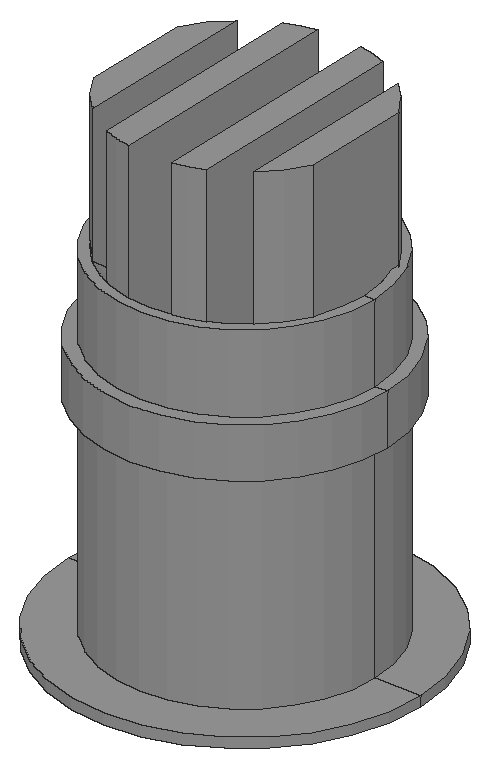
Revit family "Artemide_Everything_35", category Lighting Fixtures, Revit 2018 (continued)
Types (24, lengths in mm): name | Wattage | V_Square | V_Round | Radius_RoundVoidReal | Photometric Web File | built-in parameter 1150142 | M_Louvre | M_HousingLed | built-in parameter 1150105 | Lumens | built-in parameter 1150107 | built-in parameter 1150106 | Product Model Number | Overall Width | Output Lumens Direct light | Input Lumens Direct light | Initial Lumens | IES Files  | Housing Colour  | Face Shape | Efficiency | built-in parameter 1150104 | Distance_SquareVoidReal | Colour Temperature
  Everything_35_Round_24°_3000K_Silver_NL4203025K002 | 1.4 W | no | yes | 14.2 | "NL4203025K002.IES" | "IESNA:LM-63-2002\r\n[TEST] FTS1500191\r\n[TESTLAB] ARTEMIDE\r\n[TESTDATE] 19 Feb 2015\r\n[ISSUEDATE] 19 Feb 2015\r\n[MANUFAC] ARTEMIDE\r\n[LUMCAT] NL4203025K002\r\n[LUMINAIRE] Everything 35 round 24° - cornice grigia - 3000K\r\n[FLASHAREA] 0.000092\r\n[LAMPCAT] 3000K - Imax=4843 cd/klm - LED Flux=126 lm - LED Power=1.4 W - Eff=76 % - EfcLED=90 lm/W - EfcLum=68 lm/W - Ra=80 min - SDCM=4 - Life=L70(6K)>39,300 ore\r\n[LAMP] 3000K - Imax=4843 cd/klm - LED Flux=126 lm - LED Power=1.4 W - Eff=76 % - EfcLED=90 lm/W - EfcLum=68 lm/W - Ra=80 min - SDCM=4 - Life=L70(6K)>39,300 ore\r\nTILT=NONE\r\n1 96.00 1.0 91 1 1 2 -0.022 -0.022 0.000\r\n1.00 1.00 1.40\r\n0.00 1.00 2.00 3.00 4.00 5.00 6.00 7.00 8.00 9.00 10.00 \r\n11.00 12.00 13.00 14.00 15.00 16.00 17.00 18.00 19.00 \r\n20.00 21.00 22.00 23.00 24.00 25.00 26.00 27.00 28.00 \r\n29.00 30.00 31.00 32.00 33.00 34.00 35.00 36.00 37.00 \r\n38.00 39.00 40.00 41.00 42.00 43.00 44.00 45.00 46.00 \r\n47.00 48.00 49.00 50.00 51.00 52.00 53.00 54.00 55.00 \r\n56.00 57.00 58.00 59.00 60.00 61.00 62.00 63.00 64.00 \r\n65.00 66.00 67.00 68.00 69.00 70.00 71.00 72.00 73.00 \r\n74.00 75.00 76.00 77.00 78.00 79.00 80.00 81.00 82.00 \r\n83.00 84.00 85.00 86.00 87.00 88.00 89.00 90.00 \r\n0.00 \r\n464.95 462.08 455.33 446.54 434.18 418.13 398.29 375.28 \r\n349.73 321.24 291.38 261.15 231.15 202.27 174.46 148.93 \r\n126.23 106.02 88.60 73.45 60.55 49.97 41.25 34.35 28.71 \r\n24.30 20.82 18.01 15.78 13.90 12.30 10.93 9.66 8.58 7.62 \r\n6.75 5.97 5.26 4.64 4.04 3.54 3.10 2.64 2.29 1.98 1.72 \r\n1.53 1.36 1.19 1.06 0.94 0.84 0.73 0.65 0.57 0.50 0.43 \r\n0.36 0.28 0.20 0.13 0.06 0.03 0.00 0.00 0.00 0.00 0.00 \r\n0.00 0.00 0.00 0.00 0.00 0.00 0.00 0.00 0.00 0.00 0.00 \r\n0.00 0.00 0.00 0.00 0.00 0.00 0.00 0.00 0.00 0.00 0.00 \r\n0.00 \r\n" | Artemide_Aluminum_BrushedSilver | Artemide_Aluminum_BrushedSilver | 1535.5 (stored number, unit not read) | 130.2 lm | 3000 (stored number, unit not read) | 15.355 (stored number, unit not read) | "NL4203025K002" | 0 | 96 | 126 | 96 | "https://www.artemide.com/product/downloadFile/2367112/ieseu/4916441" | "Silver" | "Round" | 74 | 8.64 (stored number, unit not read) | 0.8 | 3000
  Everything_35_Round_14°_2700K_White_NL4203010Y006 | 1.4 W | no | yes | 14.2 | "NL4203010Y006.IES" | "IESNA:LM-63-2002\r\n[TEST] FTS1602924\r\n[TESTLAB] ARTEMIDE\r\n[TESTDATE] 18 Feb 2015\r\n[ISSUEDATE] 18 Feb 2015\r\n[MANUFAC] ARTEMIDE\r\n[LUMCAT] NL4203010Y006\r\n[LUMINAIRE] Everything 35 round 14° - cornice bianca- 2700K\r\n[FLASHAREA] 0.000092\r\n[LAMPCAT] LED Flux=90lm  LED Power=1,4W Eff=78% EfcLed=64lm/W EfcLum=50lm/W Ra=90 SDCM=2 L70(6K)=39300\r\n[LAMP] LED Flux=90lm  LED Power=1,4W Eff=78% EfcLed=64lm/W EfcLum=50lm/W Ra=90 SDCM=2 L70(6K)=39300\r\nTILT=NONE\r\n1 70.20 1.0 91 1 1 2 -0.022 -0.022 0.000\r\n1.00 1.00 1.40\r\n0.00 1.00 2.00 3.00 4.00 5.00 6.00 7.00 8.00 9.00 10.00 \r\n11.00 12.00 13.00 14.00 15.00 16.00 17.00 18.00 19.00 \r\n20.00 21.00 22.00 23.00 24.00 25.00 26.00 27.00 28.00 \r\n29.00 30.00 31.00 32.00 33.00 34.00 35.00 36.00 37.00 \r\n38.00 39.00 40.00 41.00 42.00 43.00 44.00 45.00 46.00 \r\n47.00 48.00 49.00 50.00 51.00 52.00 53.00 54.00 55.00 \r\n56.00 57.00 58.00 59.00 60.00 61.00 62.00 63.00 64.00 \r\n65.00 66.00 67.00 68.00 69.00 70.00 71.00 72.00 73.00 \r\n74.00 75.00 76.00 77.00 78.00 79.00 80.00 81.00 82.00 \r\n83.00 84.00 85.00 86.00 87.00 88.00 89.00 90.00 \r\n0.00 \r\n827.89 817.59 785.02 729.17 656.82 575.29 490.60 404.87 \r\n324.46 253.99 196.32 149.78 112.63 84.63 63.99 49.22 \r\n38.58 31.09 25.92 22.25 19.63 17.62 15.97 14.63 13.46 \r\n12.43 11.46 10.55 9.71 8.89 8.15 7.48 6.86 6.29 5.71 5.10 \r\n4.54 4.01 3.54 3.11 2.68 2.31 1.97 1.71 1.58 1.46 1.39 \r\n1.32 1.26 1.20 1.14 1.08 1.03 0.99 0.94 0.88 0.84 0.80 \r\n0.76 0.71 0.62 0.53 0.47 0.41 0.36 0.34 0.33 0.29 0.24 \r\n0.12 0.06 0.00 0.00 0.00 0.00 0.00 0.00 0.00 0.00 0.00 \r\n0.00 0.00 0.00 0.00 0.00 0.00 0.00 0.00 0.00 0.00 0.00 \r\n" | Artemide_Aluminum_White | Artemide_Aluminum_White | 470.91 (stored number, unit not read) | 98.28 lm | 2700 (stored number, unit not read) | 4.7091 (stored number, unit not read) | "NL4203010Y006" | 0 | 70 | 90 | 70 | "https://www.artemide.com/product/downloadFile/4341074/ieseu/4916804" | "White" | "Round" | 78 | 6.5218 (stored number, unit not read) | 0.8 | 2700
  Everything_35_Round_14°_2700K_Black_NL4203010Y004 | 1.4 W | no | yes | 14.2 | "NL4203010Y004.IES" | "IESNA:LM-63-2002\r\n[TEST] FTS1602928\r\n[TESTLAB] ARTEMIDE\r\n[TESTDATE] 18 Feb 2015\r\n[ISSUEDATE] 18 Feb 2015\r\n[MANUFAC] ARTEMIDE\r\n[LUMCAT] NL4203010Y004\r\n[LUMINAIRE] Everything 35 round 14° - cornice nera- 2700K\r\n[FLASHAREA] 0.000092\r\n[LAMPCAT] LED Flux=90lm  LED Power=1,4W Eff=74% EfcLed=64lm/W EfcLum=48lm/W Ra=90 SDCM=2 L70(6K)=39300\r\n[LAMP] LED Flux=90lm  LED Power=1,4W Eff=74% EfcLed=64lm/W EfcLum=48lm/W Ra=90 SDCM=2 L70(6K)=39300\r\nTILT=NONE\r\n1 66.60 1.0 91 1 1 2 -0.022 -0.022 0.000\r\n1.00 1.00 1.40\r\n0.00 1.00 2.00 3.00 4.00 5.00 6.00 7.00 8.00 9.00 10.00 \r\n11.00 12.00 13.00 14.00 15.00 16.00 17.00 18.00 19.00 \r\n20.00 21.00 22.00 23.00 24.00 25.00 26.00 27.00 28.00 \r\n29.00 30.00 31.00 32.00 33.00 34.00 35.00 36.00 37.00 \r\n38.00 39.00 40.00 41.00 42.00 43.00 44.00 45.00 46.00 \r\n47.00 48.00 49.00 50.00 51.00 52.00 53.00 54.00 55.00 \r\n56.00 57.00 58.00 59.00 60.00 61.00 62.00 63.00 64.00 \r\n65.00 66.00 67.00 68.00 69.00 70.00 71.00 72.00 73.00 \r\n74.00 75.00 76.00 77.00 78.00 79.00 80.00 81.00 82.00 \r\n83.00 84.00 85.00 86.00 87.00 88.00 89.00 90.00 \r\n0.00 \r\n911.43 896.83 852.69 783.96 699.87 607.77 512.89 418.66 \r\n329.79 250.90 186.96 137.12 99.41 72.56 53.54 40.91 32.22 \r\n26.28 22.30 19.51 17.55 15.98 14.59 13.41 12.32 11.27 \r\n10.30 9.38 8.46 7.62 6.80 6.14 5.49 4.89 4.29 3.73 3.23 \r\n2.76 2.36 1.95 1.56 1.20 0.90 0.69 0.54 0.47 0.40 0.34 \r\n0.27 0.22 0.17 0.12 0.07 0.04 0.02 0.01 0.00 0.00 0.00 \r\n0.00 0.00 0.00 0.00 0.00 0.00 0.00 0.00 0.00 0.00 0.00 \r\n0.00 0.00 0.00 0.00 0.00 0.00 0.00 0.00 0.00 0.00 0.00 \r\n0.00 0.00 0.00 0.00 0.00 0.00 0.00 0.00 0.00 0.00 \r\n" | Artemide_Aluminum_Black | Artemide_Aluminum_Black | 470.91 (stored number, unit not read) | 98.28 lm | 2700 (stored number, unit not read) | 4.7091 (stored number, unit not read) | "NL4203010Y004" | 0 | 67 | 90 | 67 | "https://www.artemide.com/product/downloadFile/4341465/ieseu/4917147" | "Black" | "Round" | 78 | 6.5218 (stored number, unit not read) | 0.8 | 2700
  Everything_35_Round_14°_2700K_Silver_NL4203010Y002 | 1.4 W | no | yes | 14.2 | "NL4203010Y002.IES" | "IESNA:LM-63-2002\r\n[TEST] FTS1602926\r\n[TESTLAB] ARTEMIDE\r\n[TESTDATE] 18 Feb 2015\r\n[ISSUEDATE] 18 Feb 2015\r\n[MANUFAC] ARTEMIDE\r\n[LUMCAT] NL4203010Y002\r\n[LUMINAIRE] Everything 35 round 14° - cornice grigia- 2700K\r\n[FLASHAREA] 0.000092\r\n[LAMPCAT] LED Flux=90lm  LED Power=1,4W Eff=76% EfcLed=64lm/W EfcLum=49lm/W Ra=90 SDCM=2 L70(6K)=39300\r\n[LAMP] LED Flux=90lm  LED Power=1,4W Eff=76% EfcLed=64lm/W EfcLum=49lm/W Ra=90 SDCM=2 L70(6K)=39300\r\nTILT=NONE\r\n1 68.40 1.0 91 1 1 2 -0.022 -0.022 0.000\r\n1.00 1.00 1.40\r\n0.00 1.00 2.00 3.00 4.00 5.00 6.00 7.00 8.00 9.00 10.00 \r\n11.00 12.00 13.00 14.00 15.00 16.00 17.00 18.00 19.00 \r\n20.00 21.00 22.00 23.00 24.00 25.00 26.00 27.00 28.00 \r\n29.00 30.00 31.00 32.00 33.00 34.00 35.00 36.00 37.00 \r\n38.00 39.00 40.00 41.00 42.00 43.00 44.00 45.00 46.00 \r\n47.00 48.00 49.00 50.00 51.00 52.00 53.00 54.00 55.00 \r\n56.00 57.00 58.00 59.00 60.00 61.00 62.00 63.00 64.00 \r\n65.00 66.00 67.00 68.00 69.00 70.00 71.00 72.00 73.00 \r\n74.00 75.00 76.00 77.00 78.00 79.00 80.00 81.00 82.00 \r\n83.00 84.00 85.00 86.00 87.00 88.00 89.00 90.00 \r\n0.00 \r\n782.08 772.52 744.16 696.84 633.47 559.41 480.21 399.67 \r\n323.82 256.40 200.60 154.39 117.10 88.44 67.07 51.56 \r\n40.40 32.19 26.49 22.50 19.66 17.55 15.76 14.34 13.08 \r\n11.99 11.03 10.10 9.25 8.47 7.74 7.08 6.47 5.88 5.27 4.69 \r\n4.10 3.59 3.11 2.67 2.26 1.88 1.53 1.30 1.16 1.06 0.98 \r\n0.90 0.83 0.76 0.69 0.63 0.58 0.52 0.46 0.41 0.38 0.35 \r\n0.28 0.21 0.14 0.07 0.00 0.00 0.00 0.00 0.00 0.00 0.00 \r\n0.00 0.00 0.00 0.00 0.00 0.00 0.00 0.00 0.00 0.00 0.00 \r\n0.00 0.00 0.00 0.00 0.00 0.00 0.00 0.00 0.00 0.00 0.00 \r\n" | Artemide_Aluminum_BrushedSilver | Artemide_Aluminum_BrushedSilver | 470.91 (stored number, unit not read) | 98.28 lm | 2700 (stored number, unit not read) | 4.7091 (stored number, unit not read) | "NL4203010Y002" | 0 | 68 | 90 | 68 | "https://www.artemide.com/product/downloadFile/4341663/ieseu/4916862" | "Silver" | "Round" | 78 | 6.5218 (stored number, unit not read) | 0.8 | 2700
  Everything_35_Round_24°_2700K_White_NL4203025Y006 | 1.4 W | no | yes | 14.2 | "NL4203025Y006.IES" | "IESNA:LM-63-2002\r\n[TEST] FTS1602925\r\n[TESTLAB] ARTEMIDE\r\n[TESTDATE] 19 Feb 2015\r\n[ISSUEDATE] 19 Feb 2015\r\n[MANUFAC] ARTEMIDE\r\n[LUMCAT] NL4203025Y006\r\n[LUMINAIRE] Everything 35 round 24° - cornice bianca - 2700K\r\n[FLASHAREA] 0.000092\r\n[LAMPCAT] LED Flux=90lm  LED Power=1,4W Eff=78% EfcLed=64lm/W EfcLum=50lm/W Ra=90 SDCM=2 L70(6K)=39300\r\n[LAMP] LED Flux=90lm  LED Power=1,4W Eff=78% EfcLed=64lm/W EfcLum=50lm/W Ra=90 SDCM=2 L70(6K)=39300\r\nTILT=NONE\r\n1 70.20 1.0 91 1 1 2 -0.022 -0.022 0.000\r\n1.00 1.00 1.40\r\n0.00 1.00 2.00 3.00 4.00 5.00 6.00 7.00 8.00 9.00 10.00 \r\n11.00 12.00 13.00 14.00 15.00 16.00 17.00 18.00 19.00 \r\n20.00 21.00 22.00 23.00 24.00 25.00 26.00 27.00 28.00 \r\n29.00 30.00 31.00 32.00 33.00 34.00 35.00 36.00 37.00 \r\n38.00 39.00 40.00 41.00 42.00 43.00 44.00 45.00 46.00 \r\n47.00 48.00 49.00 50.00 51.00 52.00 53.00 54.00 55.00 \r\n56.00 57.00 58.00 59.00 60.00 61.00 62.00 63.00 64.00 \r\n65.00 66.00 67.00 68.00 69.00 70.00 71.00 72.00 73.00 \r\n74.00 75.00 76.00 77.00 78.00 79.00 80.00 81.00 82.00 \r\n83.00 84.00 85.00 86.00 87.00 88.00 89.00 90.00 \r\n0.00 \r\n336.37 334.35 328.76 320.57 310.31 297.76 283.12 266.16 \r\n247.97 228.09 207.44 186.30 165.40 145.59 126.47 108.67 \r\n92.61 78.22 65.65 54.74 45.35 37.45 30.85 25.65 21.40 \r\n18.05 15.40 13.25 11.52 10.10 8.89 7.90 6.98 6.19 5.51 \r\n4.88 4.35 3.87 3.43 3.04 2.69 2.38 2.10 1.87 1.68 1.49 \r\n1.35 1.25 1.15 1.07 0.99 0.92 0.86 0.82 0.77 0.71 0.66 \r\n0.61 0.56 0.50 0.45 0.40 0.36 0.33 0.31 0.27 0.25 0.20 \r\n0.18 0.16 0.13 0.09 0.05 0.03 0.00 0.00 0.00 0.00 0.00 \r\n0.00 0.00 0.00 0.00 0.00 0.00 0.00 0.00 0.00 0.00 0.00 \r\n0.00 \r\n" | Artemide_Aluminum_White | Artemide_Aluminum_White | 470.91 (stored number, unit not read) | 98.28 lm | 2700 (stored number, unit not read) | 4.7091 (stored number, unit not read) | "NL4203025Y006" | 0 | 70 | 90 | 70 | "https://www.artemide.com/product/downloadFile/4341881/ieseu/4916691" | "White" | "Round" | 78 | 6.5218 (stored number, unit not read) | 0.8 | 2700
  Everything_35_Round_24°_2700K_Black_NL4203025Y004 | 1.4 W | no | yes | 14.2 | "NL4203025Y004.IES" | "IESNA:LM-63-2002\r\n[TEST] FTS1602929\r\n[TESTLAB] ARTEMIDE\r\n[TESTDATE] 19 Feb 2015\r\n[ISSUEDATE] 19 Feb 2015\r\n[MANUFAC] ARTEMIDE\r\n[LUMCAT] NL4203025Y004\r\n[LUMINAIRE] Everything 35 round 24° - cornice nera - 2700K\r\n[FLASHAREA] 0.000092\r\n[LAMPCAT] LED Flux=90lm  LED Power=1,4W Eff=74% EfcLed=64lm/W EfcLum=48lm/W Ra=90 SDCM=2 L70(6K)=39300\r\n[LAMP] LED Flux=90lm  LED Power=1,4W Eff=74% EfcLed=64lm/W EfcLum=48lm/W Ra=90 SDCM=2 L70(6K)=39300\r\nTILT=NONE\r\n1 66.32 1.0 91 1 1 2 -0.022 -0.022 0.000\r\n1.00 1.00 1.40\r\n0.00 1.00 2.00 3.00 4.00 5.00 6.00 7.00 8.00 9.00 10.00 \r\n11.00 12.00 13.00 14.00 15.00 16.00 17.00 18.00 19.00 \r\n20.00 21.00 22.00 23.00 24.00 25.00 26.00 27.00 28.00 \r\n29.00 30.00 31.00 32.00 33.00 34.00 35.00 36.00 37.00 \r\n38.00 39.00 40.00 41.00 42.00 43.00 44.00 45.00 46.00 \r\n47.00 48.00 49.00 50.00 51.00 52.00 53.00 54.00 55.00 \r\n56.00 57.00 58.00 59.00 60.00 61.00 62.00 63.00 64.00 \r\n65.00 66.00 67.00 68.00 69.00 70.00 71.00 72.00 73.00 \r\n74.00 75.00 76.00 77.00 78.00 79.00 80.00 81.00 82.00 \r\n83.00 84.00 85.00 86.00 87.00 88.00 89.00 90.00 \r\n0.00 \r\n327.12 325.18 320.76 313.53 304.28 292.58 278.66 262.19 \r\n244.21 224.54 204.07 183.14 162.40 142.60 123.60 106.07 \r\n90.14 75.89 63.60 52.82 43.63 35.89 29.43 24.32 20.17 \r\n16.89 14.26 12.16 10.47 9.08 7.90 6.90 6.02 5.24 4.57 \r\n3.99 3.44 2.97 2.55 2.14 1.81 1.51 1.23 1.00 0.80 0.61 \r\n0.50 0.39 0.30 0.21 0.14 0.07 0.00 0.00 0.00 0.00 0.00 \r\n0.00 0.00 0.00 0.00 0.00 0.00 0.00 0.00 0.00 0.00 0.00 \r\n0.00 0.00 0.00 0.00 0.00 0.00 0.00 0.00 0.00 0.00 0.00 \r\n0.00 0.00 0.00 0.00 0.00 0.00 0.00 0.00 0.00 0.00 0.00 \r\n0.00 \r\n" | Artemide_Aluminum_Black | Artemide_Aluminum_Black | 470.91 (stored number, unit not read) | 98.28 lm | 2700 (stored number, unit not read) | 4.7091 (stored number, unit not read) | "NL4203025Y004" | 0 | 66 | 90 | 66 | "https://www.artemide.com/product/downloadFile/4342079/ieseu/4916833" | "Black" | "Round" | 78 | 6.5218 (stored number, unit not read) | 0.8 | 2700
  Everything_35_Round_24°_2700K_Silver_NL4203025Y002 | 1.4 W | no | yes | 14.2 | "NL4203025Y002.IES" | "IESNA:LM-63-2002\r\n[TEST] FTS1602927\r\n[TESTLAB] ARTEMIDE\r\n[TESTDATE] 19 Feb 2015\r\n[ISSUEDATE] 19 Feb 2015\r\n[MANUFAC] ARTEMIDE\r\n[LUMCAT] NL4203025Y002\r\n[LUMINAIRE] Everything 35 round 24° - cornice grigia - 2700K\r\n[FLASHAREA] 0.000092\r\n[LAMPCAT] LED Flux=90lm  LED Power=1,4W Eff=76% EfcLed=64lm/W EfcLum=49lm/W Ra=90 SDCM=2 L70(6K)=39300\r\n[LAMP] LED Flux=90lm  LED Power=1,4W Eff=76% EfcLed=64lm/W EfcLum=49lm/W Ra=90 SDCM=2 L70(6K)=39300\r\nTILT=NONE\r\n1 68.40 1.0 91 1 1 2 -0.022 -0.022 0.000\r\n1.00 1.00 1.40\r\n0.00 1.00 2.00 3.00 4.00 5.00 6.00 7.00 8.00 9.00 10.00 \r\n11.00 12.00 13.00 14.00 15.00 16.00 17.00 18.00 19.00 \r\n20.00 21.00 22.00 23.00 24.00 25.00 26.00 27.00 28.00 \r\n29.00 30.00 31.00 32.00 33.00 34.00 35.00 36.00 37.00 \r\n38.00 39.00 40.00 41.00 42.00 43.00 44.00 45.00 46.00 \r\n47.00 48.00 49.00 50.00 51.00 52.00 53.00 54.00 55.00 \r\n56.00 57.00 58.00 59.00 60.00 61.00 62.00 63.00 64.00 \r\n65.00 66.00 67.00 68.00 69.00 70.00 71.00 72.00 73.00 \r\n74.00 75.00 76.00 77.00 78.00 79.00 80.00 81.00 82.00 \r\n83.00 84.00 85.00 86.00 87.00 88.00 89.00 90.00 \r\n0.00 \r\n331.28 329.23 324.42 318.16 309.36 297.92 283.78 267.39 \r\n249.18 228.88 207.61 186.07 164.70 144.12 124.30 106.11 \r\n89.94 75.54 63.13 52.33 43.14 35.61 29.39 24.48 20.45 \r\n17.31 14.84 12.83 11.24 9.90 8.76 7.79 6.88 6.12 5.43 \r\n4.81 4.25 3.74 3.30 2.88 2.52 2.21 1.88 1.63 1.41 1.23 \r\n1.09 0.97 0.85 0.76 0.67 0.60 0.52 0.47 0.41 0.36 0.31 \r\n0.25 0.20 0.14 0.09 0.04 0.02 0.00 0.00 0.00 0.00 0.00 \r\n0.00 0.00 0.00 0.00 0.00 0.00 0.00 0.00 0.00 0.00 0.00 \r\n0.00 0.00 0.00 0.00 0.00 0.00 0.00 0.00 0.00 0.00 0.00 \r\n0.00 \r\n" | Artemide_Aluminum_BrushedSilver | Artemide_Aluminum_BrushedSilver | 470.91 (stored number, unit not read) | 98.28 lm | 2700 (stored number, unit not read) | 4.7091 (stored number, unit not read) | "NL4203025Y002" | 0 | 68 | 90 | 68 | "https://www.artemide.com/product/downloadFile/4342475/ieseu/4916642" | "Silver" | "Round" | 78 | 6.5218 (stored number, unit not read) | 0.8 | 2700
  Everything_35_Square_14°_3000K_Black_NL4203110K004 | 1.4 W | yes | no | 0.3 | "NL4203110K004.IES" | "IESNA:LM-63-2002\r\n[TEST] FTS1500293\r\n[TESTLAB] ARTEMIDE\r\n[TESTDATE] 18 Feb 2015\r\n[ISSUEDATE] 18 Feb 2015\r\n[MANUFAC] ARTEMIDE\r\n[LUMCAT] NL4203110K004\r\n[LUMINAIRE] Everything 35 square 14° - cornice nera- 3000K\r\n[FLASHAREA] 0.000092\r\n[LAMPCAT] 3000K - Imax=13742 cd/klm - LED Flux=126 lm - LED Power=1.4 W - Eff=74 % - EfcLED=90 lm/W - EfcLum=66 lm/W - Ra=80 min - SDCM=4 - Life=L70(6K)>39,300 ore\r\n[LAMP] 3000K - Imax=13742 cd/klm - LED Flux=126 lm - LED Power=1.4 W - Eff=74 % - EfcLED=90 lm/W - EfcLum=66 lm/W - Ra=80 min - SDCM=4 - Life=L70(6K)>39,300 ore\r\nTILT=NONE\r\n1 93.39 1.0 91 1 1 2 -0.022 -0.022 0.000\r\n1.00 1.00 1.40\r\n0.00 1.00 2.00 3.00 4.00 5.00 6.00 7.00 8.00 9.00 10.00 \r\n11.00 12.00 13.00 14.00 15.00 16.00 17.00 18.00 19.00 \r\n20.00 21.00 22.00 23.00 24.00 25.00 26.00 27.00 28.00 \r\n29.00 30.00 31.00 32.00 33.00 34.00 35.00 36.00 37.00 \r\n38.00 39.00 40.00 41.00 42.00 43.00 44.00 45.00 46.00 \r\n47.00 48.00 49.00 50.00 51.00 52.00 53.00 54.00 55.00 \r\n56.00 57.00 58.00 59.00 60.00 61.00 62.00 63.00 64.00 \r\n65.00 66.00 67.00 68.00 69.00 70.00 71.00 72.00 73.00 \r\n74.00 75.00 76.00 77.00 78.00 79.00 80.00 81.00 82.00 \r\n83.00 84.00 85.00 86.00 87.00 88.00 89.00 90.00 \r\n0.00 \r\n1278.05 1257.58 1195.68 1099.31 981.39 852.25 719.20 \r\n587.06 462.45 351.83 262.17 192.28 139.40 101.75 75.08 \r\n57.36 45.18 36.85 31.27 27.35 24.61 22.41 20.46 18.81 \r\n17.27 15.81 14.44 13.15 11.86 10.68 9.54 8.61 7.70 6.86 \r\n6.02 5.24 4.53 3.87 3.31 2.74 2.19 1.68 1.26 0.97 0.76 \r\n0.66 0.56 0.47 0.38 0.31 0.24 0.17 0.10 0.05 0.03 0.01 \r\n0.00 0.00 0.00 0.00 0.00 0.00 0.00 0.00 0.00 0.00 0.00 \r\n0.00 0.00 0.00 0.00 0.00 0.00 0.00 0.00 0.00 0.00 0.00 \r\n0.00 0.00 0.00 0.00 0.00 0.00 0.00 0.00 0.00 0.00 0.00 \r\n0.00 0.00 \r\n" | Artemide_Aluminum_Black | Artemide_Aluminum_Black | 1618 (stored number, unit not read) | 137.2 lm | 3000 (stored number, unit not read) | 16.18 (stored number, unit not read) | "NL4203110K004" | 35 | 93 | 126 | 93 | "https://www.artemide.com/product/downloadFile/2367721/ieseu/4917060" | "Black" | "Square" | 78 | 9.1045 (stored number, unit not read) | 24.881 | 3000
  Everything_35_Square_14°_3000K_Silver_NL4203110K002 | 1.4 W | yes | no | 0.3 | "NL4203110K002.IES" | "IESNA:LM-63-2002\r\n[TEST] FTS1500289\r\n[TESTLAB] ARTEMIDE\r\n[TESTDATE] 18 Feb 2015\r\n[ISSUEDATE] 18 Feb 2015\r\n[MANUFAC] ARTEMIDE\r\n[LUMCAT] NL4203110K002\r\n[LUMINAIRE] Everything 35 square 14° - cornice grigia- 3000K\r\n[FLASHAREA] 0.000092\r\n[LAMPCAT] 3000K - Imax=11434 cd/klm - LED Flux=126 lm - LED Power=1.4 W - Eff=76 % - EfcLED=90 lm/W - EfcLum=70 lm/W - Ra=80 min - SDCM=4 - Life=L70(6K)>39,300 ore\r\n[LAMP] 3000K - Imax=11434 cd/klm - LED Flux=126 lm - LED Power=1.4 W - Eff=76 % - EfcLED=90 lm/W - EfcLum=70 lm/W - Ra=80 min - SDCM=4 - Life=L70(6K)>39,300 ore\r\nTILT=NONE\r\n1 96.00 1.0 91 1 1 2 -0.022 -0.022 0.000\r\n1.00 1.00 1.40\r\n0.00 1.00 2.00 3.00 4.00 5.00 6.00 7.00 8.00 9.00 10.00 \r\n11.00 12.00 13.00 14.00 15.00 16.00 17.00 18.00 19.00 \r\n20.00 21.00 22.00 23.00 24.00 25.00 26.00 27.00 28.00 \r\n29.00 30.00 31.00 32.00 33.00 34.00 35.00 36.00 37.00 \r\n38.00 39.00 40.00 41.00 42.00 43.00 44.00 45.00 46.00 \r\n47.00 48.00 49.00 50.00 51.00 52.00 53.00 54.00 55.00 \r\n56.00 57.00 58.00 59.00 60.00 61.00 62.00 63.00 64.00 \r\n65.00 66.00 67.00 68.00 69.00 70.00 71.00 72.00 73.00 \r\n74.00 75.00 76.00 77.00 78.00 79.00 80.00 81.00 82.00 \r\n83.00 84.00 85.00 86.00 87.00 88.00 89.00 90.00 \r\n0.00 \r\n1097.65 1084.24 1044.44 978.02 889.09 785.14 673.98 \r\n560.94 454.48 359.86 281.54 216.68 164.35 124.13 94.13 \r\n72.37 56.70 45.18 37.18 31.58 27.59 24.64 22.12 20.12 \r\n18.36 16.83 15.48 14.18 12.98 11.88 10.86 9.93 9.08 8.25 \r\n7.40 6.58 5.76 5.05 4.37 3.75 3.17 2.64 2.14 1.82 1.63 \r\n1.48 1.37 1.26 1.16 1.06 0.97 0.89 0.81 0.73 0.65 0.58 \r\n0.53 0.49 0.39 0.30 0.20 0.10 0.00 0.00 0.00 0.00 0.00 \r\n0.00 0.00 0.00 0.00 0.00 0.00 0.00 0.00 0.00 0.00 0.00 \r\n0.00 0.00 0.00 0.00 0.00 0.00 0.00 0.00 0.00 0.00 0.00 \r\n0.00 0.00 \r\n" | Artemide_Aluminum_BrushedSilver | Artemide_Aluminum_BrushedSilver | 1618 (stored number, unit not read) | 137.2 lm | 3000 (stored number, unit not read) | 16.18 (stored number, unit not read) | "NL4203110K002" | 35 | 96 | 126 | 96 | "https://www.artemide.com/product/downloadFile/2367830/ieseu/4916734" | "Silver" | "Square" | 78 | 9.1045 (stored number, unit not read) | 24.881 | 3000
  Everything_35_Square_24°_3000K_White_NL4203125K006 | 1.4 W | yes | no | 0.3 | "NL4203125K006.IES" | "IESNA:LM-63-2002\r\n[TEST] FTS1500287\r\n[TESTLAB] ARTEMIDE\r\n[TESTDATE] 19 Feb 2015\r\n[ISSUEDATE] 19 Feb 2015\r\n[MANUFAC] ARTEMIDE\r\n[LUMCAT] NL4203125K006\r\n[LUMINAIRE] Everything 35 square 24° - cornice bianca - 3000K\r\n[FLASHAREA] 0.000092\r\n[LAMPCAT] 3000K - Imax=4792 cd/klm - LED Flux=126 lm - LED Power=1.4 W - Eff=78 % - EfcLED=90 lm/W - EfcLum=70 lm/W - Ra=80 min - SDCM=4 - Life=L70(6K)>39,300 ore\r\n[LAMP] 3000K - Imax=4792 cd/klm - LED Flux=126 lm - LED Power=1.4 W - Eff=78 % - EfcLED=90 lm/W - EfcLum=70 lm/W - Ra=80 min - SDCM=4 - Life=L70(6K)>39,300 ore\r\nTILT=NONE\r\n1 98.00 1.0 91 1 1 2 -0.022 -0.022 0.000\r\n1.00 1.00 1.40\r\n0.00 1.00 2.00 3.00 4.00 5.00 6.00 7.00 8.00 9.00 10.00 \r\n11.00 12.00 13.00 14.00 15.00 16.00 17.00 18.00 19.00 \r\n20.00 21.00 22.00 23.00 24.00 25.00 26.00 27.00 28.00 \r\n29.00 30.00 31.00 32.00 33.00 34.00 35.00 36.00 37.00 \r\n38.00 39.00 40.00 41.00 42.00 43.00 44.00 45.00 46.00 \r\n47.00 48.00 49.00 50.00 51.00 52.00 53.00 54.00 55.00 \r\n56.00 57.00 58.00 59.00 60.00 61.00 62.00 63.00 64.00 \r\n65.00 66.00 67.00 68.00 69.00 70.00 71.00 72.00 73.00 \r\n74.00 75.00 76.00 77.00 78.00 79.00 80.00 81.00 82.00 \r\n83.00 84.00 85.00 86.00 87.00 88.00 89.00 90.00 \r\n0.00 \r\n469.57 466.76 458.96 447.52 433.19 415.67 395.24 371.56 \r\n346.16 318.42 289.59 260.08 230.90 203.25 176.56 151.70 \r\n129.29 109.20 91.64 76.42 63.31 52.28 43.07 35.80 29.87 \r\n25.20 21.49 18.50 16.08 14.10 12.41 11.02 9.75 8.64 7.69 \r\n6.81 6.07 5.41 4.79 4.24 3.76 3.32 2.92 2.61 2.34 2.07 \r\n1.88 1.74 1.60 1.49 1.38 1.28 1.21 1.14 1.08 0.99 0.93 \r\n0.86 0.78 0.70 0.62 0.56 0.50 0.47 0.44 0.38 0.34 0.28 \r\n0.25 0.22 0.18 0.13 0.07 0.04 0.00 0.00 0.00 0.00 0.00 \r\n0.00 0.00 0.00 0.00 0.00 0.00 0.00 0.00 0.00 0.00 0.00 \r\n0.00 \r\n" | Artemide_Aluminum_White | Artemide_Aluminum_White | 1618 (stored number, unit not read) | 137.2 lm | 3000 (stored number, unit not read) | 16.18 (stored number, unit not read) | "NL4203125K006" | 35 | 98 | 126 | 98 | "https://www.artemide.com/product/downloadFile/2368212/ieseu/4916883" | "White" | "Square" | 78 | 9.1045 (stored number, unit not read) | 24.881 | 3000
  Everything_35_Square_24°_3000K_Black_NL4203125K004 | 1.4 W | yes | no | 0.3 | "NL4203125K004.IES" | "IESNA:LM-63-2002\r\n[TEST] FTS1500295\r\n[TESTLAB] ARTEMIDE\r\n[TESTDATE] 19 Feb 2015\r\n[ISSUEDATE] 19 Feb 2015\r\n[MANUFAC] ARTEMIDE\r\n[LUMCAT] NL4203125K004\r\n[LUMINAIRE] Everything 35 square 24° - cornice nera - 3000K\r\n[FLASHAREA] 0.000092\r\n[LAMPCAT] 3000K - Imax=4932 cd/klm - LED Flux=126 lm - LED Power=1.4 W - Eff=74 % - EfcLED=90 lm/W - EfcLum=66 lm/W - Ra=80 min - SDCM=4 - Life=L70(6K)>39,300 ore\r\n[LAMP] 3000K - Imax=4932 cd/klm - LED Flux=126 lm - LED Power=1.4 W - Eff=74 % - EfcLED=90 lm/W - EfcLum=66 lm/W - Ra=80 min - SDCM=4 - Life=L70(6K)>39,300 ore\r\nTILT=NONE\r\n1 93.00 1.0 91 1 1 2 -0.022 -0.022 0.000\r\n1.00 1.00 1.40\r\n0.00 1.00 2.00 3.00 4.00 5.00 6.00 7.00 8.00 9.00 10.00 \r\n11.00 12.00 13.00 14.00 15.00 16.00 17.00 18.00 19.00 \r\n20.00 21.00 22.00 23.00 24.00 25.00 26.00 27.00 28.00 \r\n29.00 30.00 31.00 32.00 33.00 34.00 35.00 36.00 37.00 \r\n38.00 39.00 40.00 41.00 42.00 43.00 44.00 45.00 46.00 \r\n47.00 48.00 49.00 50.00 51.00 52.00 53.00 54.00 55.00 \r\n56.00 57.00 58.00 59.00 60.00 61.00 62.00 63.00 64.00 \r\n65.00 66.00 67.00 68.00 69.00 70.00 71.00 72.00 73.00 \r\n74.00 75.00 76.00 77.00 78.00 79.00 80.00 81.00 82.00 \r\n83.00 84.00 85.00 86.00 87.00 88.00 89.00 90.00 \r\n0.00 \r\n458.72 456.00 449.80 439.66 426.68 410.28 390.76 367.67 \r\n342.45 314.86 286.17 256.82 227.74 199.97 173.32 148.75 \r\n126.40 106.42 89.19 74.07 61.19 50.33 41.26 34.11 28.29 \r\n23.68 20.00 17.06 14.69 12.74 11.08 9.68 8.44 7.35 6.41 \r\n5.60 4.83 4.16 3.57 3.00 2.54 2.12 1.72 1.40 1.12 0.86 \r\n0.70 0.55 0.42 0.29 0.19 0.10 0.00 0.00 0.00 0.00 0.00 \r\n0.00 0.00 0.00 0.00 0.00 0.00 0.00 0.00 0.00 0.00 0.00 \r\n0.00 0.00 0.00 0.00 0.00 0.00 0.00 0.00 0.00 0.00 0.00 \r\n0.00 0.00 0.00 0.00 0.00 0.00 0.00 0.00 0.00 0.00 0.00 \r\n0.00 \r\n" | Artemide_Aluminum_Black | Artemide_Aluminum_Black | 1618 (stored number, unit not read) | 137.2 lm | 3000 (stored number, unit not read) | 16.18 (stored number, unit not read) | "NL4203125K004" | 35 | 93 | 126 | 93 | "https://www.artemide.com/product/downloadFile/2368321/ieseu/4916689" | "Black" | "Square" | 78 | 9.1045 (stored number, unit not read) | 24.881 | 3000
  Everything_35_Square_24°_3000K_Silver_NL4203125K002 | 1.4 W | yes | no | 0.3 | "NL4203125K002.IES" | "IESNA:LM-63-2002\r\n[TEST] FTS1500291\r\n[TESTLAB] ARTEMIDE\r\n[TESTDATE] 19 Feb 2015\r\n[ISSUEDATE] 19 Feb 2015\r\n[MANUFAC] ARTEMIDE\r\n[LUMCAT] NL4203125K002\r\n[LUMINAIRE] Everything 35 square 24° - cornice grigia - 3000K\r\n[FLASHAREA] 0.000092\r\n[LAMPCAT] 3000K - Imax=4843 cd/klm - LED Flux=126 lm - LED Power=1.4 W - Eff=76 % - EfcLED=90 lm/W - EfcLum=68 lm/W - Ra=80 min - SDCM=4 - Life=L70(6K)>39,300 ore\r\n[LAMP] 3000K - Imax=4843 cd/klm - LED Flux=126 lm - LED Power=1.4 W - Eff=76 % - EfcLED=90 lm/W - EfcLum=68 lm/W - Ra=80 min - SDCM=4 - Life=L70(6K)>39,300 ore\r\nTILT=NONE\r\n1 96.00 1.0 91 1 1 2 -0.022 -0.022 0.000\r\n1.00 1.00 1.40\r\n0.00 1.00 2.00 3.00 4.00 5.00 6.00 7.00 8.00 9.00 10.00 \r\n11.00 12.00 13.00 14.00 15.00 16.00 17.00 18.00 19.00 \r\n20.00 21.00 22.00 23.00 24.00 25.00 26.00 27.00 28.00 \r\n29.00 30.00 31.00 32.00 33.00 34.00 35.00 36.00 37.00 \r\n38.00 39.00 40.00 41.00 42.00 43.00 44.00 45.00 46.00 \r\n47.00 48.00 49.00 50.00 51.00 52.00 53.00 54.00 55.00 \r\n56.00 57.00 58.00 59.00 60.00 61.00 62.00 63.00 64.00 \r\n65.00 66.00 67.00 68.00 69.00 70.00 71.00 72.00 73.00 \r\n74.00 75.00 76.00 77.00 78.00 79.00 80.00 81.00 82.00 \r\n83.00 84.00 85.00 86.00 87.00 88.00 89.00 90.00 \r\n0.00 \r\n464.95 462.08 455.33 446.54 434.18 418.13 398.29 375.28 \r\n349.73 321.24 291.38 261.15 231.15 202.27 174.46 148.93 \r\n126.23 106.02 88.60 73.45 60.55 49.97 41.25 34.35 28.71 \r\n24.30 20.82 18.01 15.78 13.90 12.30 10.93 9.66 8.58 7.62 \r\n6.75 5.97 5.26 4.64 4.04 3.54 3.10 2.64 2.29 1.98 1.72 \r\n1.53 1.36 1.19 1.06 0.94 0.84 0.73 0.65 0.57 0.50 0.43 \r\n0.36 0.28 0.20 0.13 0.06 0.03 0.00 0.00 0.00 0.00 0.00 \r\n0.00 0.00 0.00 0.00 0.00 0.00 0.00 0.00 0.00 0.00 0.00 \r\n0.00 0.00 0.00 0.00 0.00 0.00 0.00 0.00 0.00 0.00 0.00 \r\n0.00 \r\n" | Artemide_Aluminum_BrushedSilver | Artemide_Aluminum_BrushedSilver | 1618 (stored number, unit not read) | 137.2 lm | 3000 (stored number, unit not read) | 16.18 (stored number, unit not read) | "NL4203125K002" | 35 | 96 | 126 | 96 | "https://www.artemide.com/product/downloadFile/2368430/ieseu/4917072" | "Silver" | "Square" | 78 | 9.1045 (stored number, unit not read) | 24.881 | 3000
  Everything_35_Square_14°_2700K_White_NL4203110Y006 | 1.4 W | yes | no | 0.3 | "NL4203110Y006.IES" | "IESNA:LM-63-2002\r\n[TEST] FTS1602936\r\n[TESTLAB] ARTEMIDE\r\n[TESTDATE] 18 Feb 2015\r\n[ISSUEDATE] 18 Feb 2015\r\n[MANUFAC] ARTEMIDE\r\n[LUMCAT] NL4203110Y006\r\n[LUMINAIRE] Everything 35 square 14° - cornice bianca- 2700K\r\n[FLASHAREA] 0.000092\r\n[LAMPCAT] LED Flux=90lm  LED Power=1,4W Eff=78% EfcLed=64lm/W EfcLum=50lm/W Ra=90 SDCM=2 L70(6K)=39300\r\n[LAMP] LED Flux=90lm  LED Power=1,4W Eff=78% EfcLed=64lm/W EfcLum=50lm/W Ra=90 SDCM=2 L70(6K)=39300\r\nTILT=NONE\r\n1 70.20 1.0 91 1 1 2 -0.022 -0.022 0.000\r\n1.00 1.00 1.40\r\n0.00 1.00 2.00 3.00 4.00 5.00 6.00 7.00 8.00 9.00 10.00 \r\n11.00 12.00 13.00 14.00 15.00 16.00 17.00 18.00 19.00 \r\n20.00 21.00 22.00 23.00 24.00 25.00 26.00 27.00 28.00 \r\n29.00 30.00 31.00 32.00 33.00 34.00 35.00 36.00 37.00 \r\n38.00 39.00 40.00 41.00 42.00 43.00 44.00 45.00 46.00 \r\n47.00 48.00 49.00 50.00 51.00 52.00 53.00 54.00 55.00 \r\n56.00 57.00 58.00 59.00 60.00 61.00 62.00 63.00 64.00 \r\n65.00 66.00 67.00 68.00 69.00 70.00 71.00 72.00 73.00 \r\n74.00 75.00 76.00 77.00 78.00 79.00 80.00 81.00 82.00 \r\n83.00 84.00 85.00 86.00 87.00 88.00 89.00 90.00 \r\n0.00 \r\n827.89 817.59 785.02 729.17 656.82 575.29 490.60 404.87 \r\n324.46 253.99 196.32 149.78 112.63 84.63 63.99 49.22 \r\n38.58 31.09 25.92 22.25 19.63 17.62 15.97 14.63 13.46 \r\n12.43 11.46 10.55 9.71 8.89 8.15 7.48 6.86 6.29 5.71 5.10 \r\n4.54 4.01 3.54 3.11 2.68 2.31 1.97 1.71 1.58 1.46 1.39 \r\n1.32 1.26 1.20 1.14 1.08 1.03 0.99 0.94 0.88 0.84 0.80 \r\n0.76 0.71 0.62 0.53 0.47 0.41 0.36 0.34 0.33 0.29 0.24 \r\n0.12 0.06 0.00 0.00 0.00 0.00 0.00 0.00 0.00 0.00 0.00 \r\n0.00 0.00 0.00 0.00 0.00 0.00 0.00 0.00 0.00 0.00 0.00 \r\n" | Artemide_Aluminum_White | Artemide_Aluminum_White | 458.84 (stored number, unit not read) | 95.76 lm | 2700 (stored number, unit not read) | 4.5884 (stored number, unit not read) | "NL4203110Y006" | 35 | 70 | 90 | 70 | "https://www.artemide.com/product/downloadFile/4342673/ieseu/4916492" | "White" | "Square" | 76 | 6.3546 (stored number, unit not read) | 24.881 | 2700
